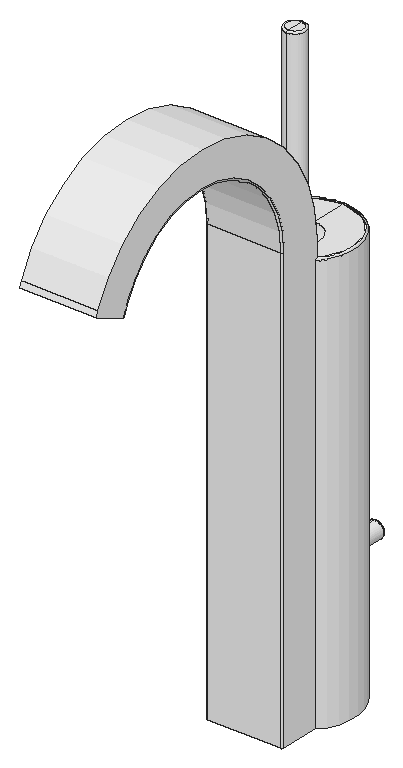
Revit family "Faucet_Vessel-Lavatory-DXV-Rem-D3510015X_Series", category Plumbing Fixtures, Revit 2014
Parameters (values of type "D35100150.100")
  Width = 2"  # constant formula
  Waste Connection = no
  Warranty Documentation Link = "https://www.dxv.com/-/media/files/dxv/warranty/dxv_warranty_booklet.ashx"
  WFU = 2  # constant formula
  Vent Connection = no
  URL = "http://www.dxv.com/"
  Revised Date = "27/09/2017"  # constant formula
  Product Page URL = "https://www.dxv.com/product/rem-vessel-bathroom-faucet-by-dxv"
  Product Documentation Link = "https://dxv01.blob.core.windows.net/dxv-product-pdf-files/spec_D351001_DXV_Rem_sl_vessel_faucets_EN.pdf"
  Price = "Prices may vary. Please consult Manufacturer Representative for most up-to-date price list."  # constant formula
  Model = "D35100150.100"
  Material = "Metal-DXV-100-Polished Chrome"
  Manufacturer = "DXV"  # constant formula
  Length = 6"  # constant formula
  Keynote = ""
  Installation Type = "Deck Mounted"  # constant formula
  Hot Water Connection Diameter = 3/8"  # constant formula
  Height = 11 7/8"  # constant formula
  HWFU = 1.5  # constant formula
  HW Connection = yes
  Flow Rate = "1.5 GPM (5.7 L/min.)"
  Finish = Metal-DXV-100-Polished Chrome
  Description = "REM Vessel Faucets"  # constant formula
  Default Elevation = 0"
  Creation Date = "07/02/2014"  # constant formula
  Cold Water Connection Diameter = 3/8"  # constant formula
  CWFU = 1.5  # constant formula
  CW Connection = yes
  Assembly Code = "D2020300"
  ADA Compliant = yes
Types (5): name | Model | Material | Flow Rate | Finish
  (no name) | "D35100150.100" | "Metal-DXV-100-Polished Chrome" | "1.5 GPM (5.7 L/min.)" | Metal-DXV-100-Polished Chrome
  D35100150.100 | "D35100150.100" | "Metal-DXV-100-Polished Chrome" | "1.5 GPM (5.7 L/min.)" | Metal-DXV-100-Polished Chrome
  D35100150.144 | "D35100150.144" | "Metal-DXV-144-Brushed Nickel" | "1.5 GPM (5.7 L/min.)" | Metal-DXV-144-Brushed Nickel
  D3510015C.100 | "D3510015C.100" | "Metal-DXV-100-Polished Chrome" | "1.2 GPM (4.5 L/min.)" | Metal-DXV-100-Polished Chrome
  D3510015C.144 | "D3510015C.144" | "Metal-DXV-144-Brushed Nickel" | "1.2 GPM (4.5 L/min.)" | Metal-DXV-144-Brushed Nickel
Reference planes (in)
  plane 1 "Center (Front/Back)": y = 0
  plane 2: z = 0
  plane 3 "Center (Left/Right)": x = 0
  plane 4: y = -6
  plane 5: y = 1
  plane 6: y = -1.4375
  plane 7: x = 1
  plane 8: x = -1
  plane 9: z = 8.25
  plane 10: z = 9.75
  plane 11: z = 11.875
  plane 12: z = 11.375
  plane 13: y = -5.75
Forms (in)
  Sweep 1, solid, material "Metal-DXV-100-Polished Chrome" <- "Finish"
    path origin (-0.13211, -0.17115, -0.20313) x (0, 1, 0) y (0, 0, 1)
      loop
        line (-5.59696, 9.6652) -> (-5.52063, 9.8477)
        arc (-5.52063, 9.8477) -> (-2.75381, 11.31748) -> (-0.76834, 8.89395) r 2.47185
        line (-0.76834, 8.89395) -> (-0.76834, 0.20313)
    profile origin (-0.13211, -0.93948, 8.69083) x (1, 0, 0) y (0, 1, 0)
      loop
        arc (-0.58664, 0.53991) -> (-0.60874, 0.53075) -> (-0.61789, 0.50866) r 0.03125
        line (-0.61789, 0.50866) -> (-0.61789, -0.46677)
        arc (-0.61789, -0.46677) -> (-0.60874, -0.48886) -> (-0.58664, -0.49802) r 0.03125
        line (-0.58664, -0.49802) -> (0.85086, -0.49802)
        arc (0.85086, -0.49802) -> (0.87295, -0.48886) -> (0.88211, -0.46677) r 0.03125
        line (0.88211, -0.46677) -> (0.88211, 0.50866)
        arc (0.88211, 0.50866) -> (0.87295, 0.53075) -> (0.85086, 0.53991) r 0.03125
        line (0.85086, 0.53991) -> (-0.58664, 0.53991)
  Revolve 2, solid, material "Metal-DXV-100-Polished Chrome" <- "Finish"
    sketch origin (0, -0.04634, 0) x (0, 1, 0) y (0, 0, 1)
      loop
        line (-0.14942, 11.875) -> (-0.31789, 11.875)
        arc (-0.31789, 11.875) -> (-0.33999, 11.86585) -> (-0.34914, 11.84375) r 0.03125
        line (-0.34914, 11.84375) -> (-0.34914, 8.34022) -> (-0.65218, 8.22992) -> (-0.14942, 8.22992) -> (-0.14942, 11.875)
      axis (-0.14942, 11.875) -> (-0.14942, 8.22992)
    angle from 0 to 360
  Revolve 3, solid, material "Metal-DXV-100-Polished Chrome" <- "Finish"
    sketch origin (0, 0, 0) x (0, 1, 0) y (0, 0, 1)
      loop
        line (1.75196, 2.35056) -> (0.93964, 2.35056) -> (0.93964, 2.18111) -> (1.78321, 2.18111) -> (1.78321, 2.31931)
        arc (1.78321, 2.31931) -> (1.77405, 2.34141) -> (1.75196, 2.35056) r 0.03125
      axis (1.78321, 2.18111) -> (0.93964, 2.18111)
    angle from 0 to 360
  Revolve 4, solid, material "Metal-DXV-100-Polished Chrome" <- "Finish"
    sketch origin (0, -0.12, 0) x (0, 1, 0) y (0, 0, 1)
      loop
        line (0.12, 8.25) -> (0.12, 0) -> (1.11996, 0) -> (1.11996, 8.21875)
        arc (1.11996, 8.21875) -> (1.11081, 8.24085) -> (1.08871, 8.25) r 0.03125
        line (1.08871, 8.25) -> (0.12, 8.25)
      axis (0.12, 8.25) -> (0.12, 0)
    angle from 0 to 360
  Extrusion 5, solid, material "Metal-DXV-100-Polished Chrome" <- "Finish"
    sketch origin (0, 0, 0) x (1, 0, 0) y (0, 1, 0)
      loop
        circle (-0.40253, 0) r 0.1875
      loop
        circle (0.40253, 0) r 0.1875
    from -0.01713 to 0.08912
  Extrusion 6, void
    sketch origin (0, 0.125, -0.20312) x (0, 1, 0) y (0, 0, 1)
      loop
        line (-0.74018, 8.25) -> (-0.2808, 8.25) -> (-0.2808, 12.24497) -> (-5.10488, 12.24497) -> (-6.88477, 10.04699) -> (-6.13673, 9.73414) -> (-6.08184, 9.86538)
        arc (-6.08184, 9.86538) -> (-2.97188, 11.51745) -> (-0.74018, 8.79336) r 2.7784
        line (-0.74018, 8.79336) -> (-0.74018, 8.25)
    from -1.60127 to 1.78273
Cuts and joins
  Extrusion 6 cuts Sweep 1
  joined: Sweep 1, Revolve 2, Revolve 3, Revolve 4
Lines and regions (in)
  Masking region 1
    outline origin (0, 0, 0) x (1, 0, 0) y (0, 1, 0)
      loop
        arc (-0.16989, 0.98541) -> (-0.94315, 0.33224) -> (-0.75, -0.66137) r 0.99995
        line (-0.75, -0.66137) -> (-0.75, -6.20569)
        spline (-0.75, -6.20569) -> (-0.74973, -6.20932) -> (-0.74894, -6.21289) -> (-0.74762, -6.21633) -> (-0.74581, -6.2196) -> (-0.74354, -6.22262) -> (-0.74085, -6.22536) -> (-0.73777, -6.22776) -> (-0.73437, -6.22978) -> (-0.73071, -6.23139) -> (-0.72684, -6.23256) -> (-0.72283, -6.23327) -> (-0.71875, -6.23351)
        line (-0.71875, -6.23351) -> (0.71875, -6.23351)
        spline (0.71875, -6.23351) -> (0.72283, -6.23327) -> (0.72684, -6.23256) -> (0.73071, -6.23139) -> (0.73437, -6.22978) -> (0.73777, -6.22776) -> (0.74085, -6.22536) -> (0.74354, -6.22262) -> (0.74581, -6.2196) -> (0.74762, -6.21633) -> (0.74894, -6.21289) -> (0.74973, -6.20932) -> (0.75, -6.20569)
        line (0.75, -6.20569) -> (0.75, -0.66136)
        arc (0.75, -0.66136) -> (0.94305, 0.33248) -> (0.16938, 0.9855) r 0.99995
        line (0.16938, 0.9855) -> (0.16938, 1.75229)
        arc (0.16938, 1.75229) -> (0.16026, 1.77431) -> (0.13825, 1.78342) r 0.03113
        line (0.13825, 1.78342) -> (-0.13805, 1.78342)
        arc (-0.13805, 1.78342) -> (-0.16057, 1.7741) -> (-0.16989, 1.75159) r 0.03184
        line (-0.16989, 1.75159) -> (-0.16989, 0.98541)
  symbolic lines, style "PlumbingFixtures", detail levels medium+fine
    curve 1: line (0.75061, -0.66206, 0) -> (-0.74939, -0.66206, 0)
    curve 2: arc (0.16952, 0.98556, 0) -> (-0.00035, 0.99995, 0) -> (-0.17021, 0.98528, 0) r 0.99986
    curve 4: circle (0, -0.19575, 0) r 0.19973 normal (0, 0, -1)
  symbolic lines, style "PlumbingFixtures", detail levels fine
    curve 3: circle (0, -0.19575, 0) r 0.4476 normal (0, 0, 1)
Dimensions and locks (in)
  "Height": plane 11 to plane 2
  plane 12 to plane 2 = 11 3/8"
  plane 9 to plane 2 = 8 1/4"
  plane 10 to plane 2 = 9 3/4"
  "Length": plane 1 "Center (Front/Back)" to plane 4
  plane 1 "Center (Front/Back)" to plane 13 = 5 3/4"
  "Width": plane 7 to plane 8
Automatic sketch dimensions
  Revolve 2 sketch curve to plane 11 = 0"
  Revolve 2 sketch curve to plane 12 = 0"
  Revolve 2 sketch curve to plane 9 = 0.02008"
  plane 1 "Center (Front/Back)" to Revolve 2 sketch curve = 0.69852"
  plane 9 to Revolve 2 sketch curve = 0.09022"
  Revolve 2 sketch curve to Revolve 2 sketch curve = 0.30304"
  Revolve 2 sketch curve to Revolve 2 sketch curve = 1/32"
  Revolve 2 sketch curve to Revolve 2 sketch curve = 0.16848"
  plane 1 "Center (Front/Back)" to Revolve 2 sketch curve = 0.19575"
  Revolve 2 sketch curve to Revolve 2 sketch curve = 0.23275"
  Revolve 3 sketch curve to plane 5 = 0.06036"
  plane 5 to Revolve 3 sketch curve = 0.75196"
  Revolve 3 sketch curve to Revolve 3 sketch curve = 1/32"
  level to Revolve 3 sketch curve = 2.18111"
  Revolve 3 sketch curve to Revolve 3 sketch curve = 0.1382"  (x2)
  plane 5 to Revolve 3 sketch curve = 0.36142"
  Revolve 3 sketch curve to Revolve 3 sketch curve = 0.16577"
  Revolve 4 sketch curve to plane 1 "Center (Front/Back)" = 0"  (x2)
  Revolve 4 sketch curve to plane 9 = 0"
  Revolve 4 sketch curve to level = 0"
  Revolve 4 sketch curve to plane 5 = 0.0313"
  Revolve 4 sketch curve to plane 5 = 0.00005"
  Revolve 4 sketch curve to Revolve 4 sketch curve = 0.02008"
  Revolve 4 sketch curve to plane 10 = 0.27008"
  Masking region 1 sketch curve to plane 4 = 0.23351"
  Masking region 1 sketch curve to plane 8 = 1/4"
  Masking region 1 sketch curve to Masking region 1 sketch curve = 1/32"
  Masking region 1 sketch curve to plane 3 "Center (Left/Right)" = 0.16989"
  Masking region 1 sketch curve to Masking region 1 sketch curve = 0.03184"
  plane 1 "Center (Front/Back)" to Masking region 1 sketch curve = 0"
  Masking region 1 sketch curve to plane 3 "Center (Left/Right)" = 0"
  Masking region 1 sketch curve to Masking region 1 sketch curve = 0"  (x2)
  plane 3 "Center (Left/Right)" to Masking region 1 sketch curve = 0.13825"
  Masking region 1 sketch curve to Masking region 1 sketch curve = 0.03113"
  Masking region 1 sketch curve to plane 7 = 9/32"
  Masking region 1 sketch curve to plane 4 = 0.20569"  (x2)
  plane 5 to Masking region 1 sketch curve = 0.75159"
  plane 1 "Center (Front/Back)" to Extrusion 5 sketch curve = 0"  (x2)
  Extrusion 5 sketch curve to plane 3 "Center (Left/Right)" = 0.40253"
  plane 3 "Center (Left/Right)" to Extrusion 5 sketch curve = 0.40253"
  Sweep 1 sketch curve to profile plane = 0.61789"
  Sweep 1 sketch curve to Sweep 1 sketch curve = 1/32"  (x3)
  profile plane to Sweep 1 sketch curve = 0.85086"  (x2)
  profile plane to Sweep 1 sketch curve = 0.49802"
  Sweep 1 sketch curve to profile plane = 0.50866"
  Masking region 1 sketch curve to plane 5 = 0.01459"
  Masking region 1 sketch curve to plane 7 = 1/4"
  Masking region 1 sketch curve to plane 5 = 0.0145"
  curve 3 to curve 4 = 0"  (x2)
  curve 3 to plane 3 "Center (Left/Right)" = 0"
  curve 2 to plane 1 "Center (Front/Back)" = 0.0001"
  plane 3 "Center (Left/Right)" to curve 2 = 0.00046"
  plane 1 "Center (Front/Back)" to curve 4 = 0.19575"
  curve 1 to plane 8 = 0.25061"
  curve 2 to plane 5 = 0.01444"
  curve 1 to plane 7 = 0.24939"
  plane 1 "Center (Front/Back)" to curve 1 = 0.66206"
  plane 10 to Extrusion 6 sketch curve = 0.09387"
  Extrusion 6 sketch curve to plane 4 = 0.75977"
  plane 4 to Extrusion 6 sketch curve = 0.04316"
  plane 11 to Extrusion 6 sketch curve = 0.16684"
  plane 13 to Extrusion 6 sketch curve = 0.77012"
  plane 9 to Extrusion 6 sketch curve = 0.34024"
  plane 1 "Center (Front/Back)" to Extrusion 6 sketch curve = 0.61518"
  plane 1 "Center (Front/Back)" to Extrusion 6 sketch curve = 0.1558"
  Extrusion 6 sketch curve to plane 9 = 13/64"
  Extrusion 6 sketch curve to plane 4 = 3/256"
  Extrusion 6 sketch curve to Extrusion 6 sketch curve = 0.13124"
  Sweep 1 sketch curve to level = 0"
  plane 13 to Sweep 1 sketch curve = 0.05822"
  plane 6 to Sweep 1 sketch curve = 0.49802"
  Sweep 1 sketch curve to plane 13 = 0.01811"
  Sweep 1 sketch curve to Sweep 1 sketch curve = 0.1825"
  plane 9 to Sweep 1 sketch curve = 0.44083"
  Sweep 1 sketch curve to Sweep 1 sketch curve = 2.47185"
  curve 2 to plane 5 = 0.01472"
  curve 2 to plane 3 "Center (Left/Right)" = 0.17021"
  radius of Extrusion 5 sketch curve = 3/16"  (x2)
  radius of curve 3 = 0.4476"
  radius of curve 4 = 0.19973"
Connectors (in)
  piping at (-0.40253, 0, -0.01713), diameter 0.375, driven by "HWFU", driven by "Hot Water Connection Diameter"
    settings: on Extrusion 5, index 1, connector inside diameter 24", connector length 0", flow factor 0, pipe flow 0 GPM, pressure drop 0.00 psi, fitting loss kfactor 0, connector angle 0.00°, fixture units 1.5, engagement length 0", angle of deflection 0.00°, flow configuration 3, flow direction 1, fitting loss method 0, system type 19, joint type 0, gender type 0, connector reference index -1, connector utility 0, adjustable connector no, is connector primary yes, connector description "3/8\" HW Inlet Connection"
  piping at (0.40253, 0, -0.01713), diameter 0.375, driven by "CWFU", driven by "Cold Water Connection Diameter"
    settings: on Extrusion 5, index 2, connector inside diameter 24", connector length 0", flow factor 0, pipe flow 0 GPM, pressure drop 0.00 psi, fitting loss kfactor 0, connector angle 0.00°, fixture units 1.5, engagement length 0", angle of deflection 0.00°, flow configuration 3, flow direction 1, fitting loss method 0, system type 20, joint type 0, gender type 0, connector reference index -1, connector utility 0, adjustable connector no, is connector primary no, connector description "3/8\" CW Inlet Connection"
